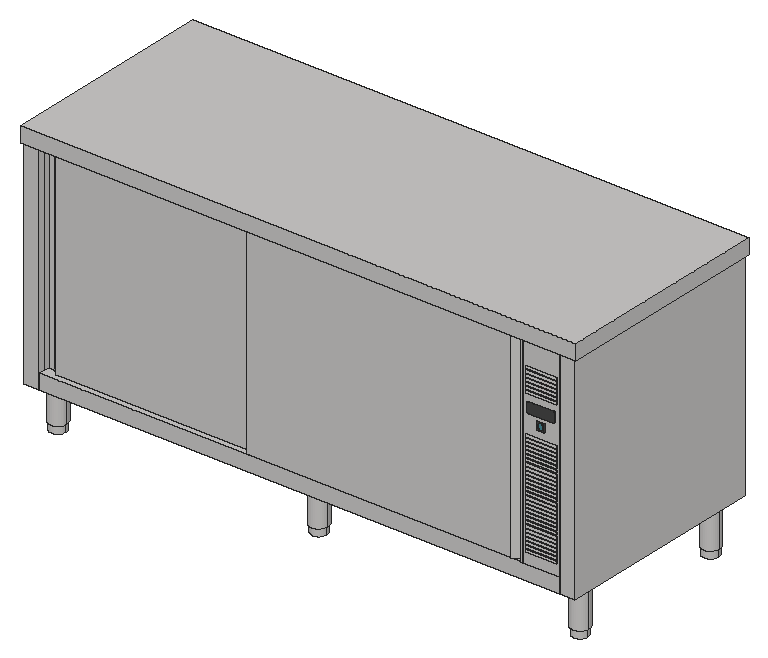
Revit family "QF_ELECTROLUXPROFESSIONAL_133100_TCD1800EN", category Attrezzature speciali, Revit 2020
Family settings
  Quota connettore circolare = Usa diametro
  Tipo di parte = Normale
  Basato su piano di lavoro = No
  Sempre verticale = Sì
  Taglio con vuoti quando caricato = No
  Condiviso = No
  Punto di calcolo locali = No
Parameters (values of type "Standard")
  Weight = 70.00 kg
  Watts = 2400 W
  Volts = 220 V
  URL Manufacturer = "https://www.electroluxprofessional.com/"
  URL = "https://www.electroluxprofessional.com/"
  Steam Supply Size = 0 mm
  Steam Supply Minimum Pressure = 0.0 Pa
  Steam Supply Maximum Pressure = 0.0 Pa
  Steam Consumption per Hour = 0
  Refrigeration Suction Line Size = 0.0 mm
  Refrigeration Liquid Line Size = 0.0 mm
  Refrigerant Compressor Remote = yes
  Prospetto di default = 0.0 mm
  Produttore = "Electrolux Professional"
  Phase = 1
  Modello = "TCD1800EN"
  Length Actual = 1800.0 mm  # constant formula
  Item Number = "133100"
  Hot Water Size = 0 mm
  Height Actual = 900.0 mm  # constant formula
  HP = "3.2 HP"
  Gas Size = 0 mm
  Gas KW = 0
  Gas Input Pressure = 0 W
  Direct Waste Size = 0 mm
  Descrizione = "HOT PASS-THROUGH CUPBOARD 1800 MM"
  Depth Actual = 700.0 mm  # constant formula
  Cycle = 50 Hz
  Condensate Return Size = 0 mm
  Compressed Air Volume = 0.0 L/s
  Compressed Air Size = 0 mm
  Compressed Air Pressure = 0.0 Pa
  Cold Water Size = 0 mm
  Accessory = yes
Reference planes
  plane 1 "Center (Front/Back)": y = 0
  plane 2: z = 0
  plane 3 "Center (Left/Right)": x = -400
  plane 4 "LEFT": x = -1300
  plane 5 "RIGHT": x = 500
  plane 6 "BACK": y = 350
  plane 7 "FRONT": y = -350
  plane 8 "Base": z = 850
  plane 9 "TOP": z = 900
  plane 10: x = -1246.5
  plane 11: x = 446.5
  plane 12: y = 264.5
  plane 13: y = -264.5
  plane 14 "BodyLeft": x = -1294.5
  plane 15 "BodyFront": y = -344.5
  plane 16 "BodyRight": x = 494.5
  plane 17 "BodyBack": y = 344.5
  plane 18 "FEET": z = 150
  plane 19: x = 324.5
  plane 20: x = -461
  plane 21: x = 444.5
  plane 22: x = 400
  plane 23: y = -170
Forms (mm)
  Extrusion 1, solid, material "QF_Finishes_Stainless Steel"
    sketch origin (-400, 0, 0) x (0, 1, 0) y (0, 0, 1)
      loop
        line (-350, 850) -> (350, 850) -> (350, 900) -> (-350, 900) -> (-350, 850)
    from 900 to -900
  Extrusion 2, solid, material "QF_Finishes_Stainless Steel"
    sketch origin (0, 0, 150) x (-1, 0, 0) y (0, -1, 0)
      loop
        line (1294.5, -344.5) -> (1294.5, 344.5) -> (1244.5, 344.5) -> (1244.5, -344.5) -> (1294.5, -344.5)
      loop
        line (-444.5, -344.5) -> (-444.5, 344.5) -> (-494.5, 344.5) -> (-494.5, -344.5) -> (-444.5, -344.5)
    from 0 to 700
  Extrusion 3, solid, material "QF_Finishes_Stainless Steel"
    sketch origin (0, 0, 150) x (-1, 0, 0) y (0, -1, 0)
      loop
        line (1244.5, -344.5) -> (1244.5, 344.5) -> (-444.5, 344.5) -> (-444.5, -344.5) -> (1244.5, -344.5)
    from 0 to 50
  Extrusion 4, solid, material "QF_Finishes_Stainless Steel"
    sketch origin (-1, 0, 150) x (-1, 0, 0) y (0, -1, 0)
      loop
        line (-325.5, 344.5) -> (-325.5, 324.5) -> (570.5, 324.5) -> (570.5, 344.5) -> (-285.5, 344.5) -> (-305.5, 329.5) -> (-320.5, 329.5) -> (-320.5, 344.5) -> (-325.5, 344.5)
    from 50 to 700
  Extrusion 5, solid, material "QF_Finishes_Stainless Steel"
    sketch origin (1, 20, 150) x (1, 0, 0) y (0, 1, 0)
      loop
        line (-1245.5, -344.5) -> (-1240.5, -344.5) -> (-1240.5, -329.5) -> (-1225.5, -329.5) -> (-1205.5, -344.5) -> (-351.5, -344.5) -> (-351.5, -324.5) -> (-1245.5, -324.5) -> (-1245.5, -344.5)
    from 50 to 700
  Extrusion 6, solid, material "QF_Finishes_Stainless Steel"
    sketch origin (0, 0, 0) x (1, 0, 0) y (0, 1, 0)
      loop
        line (-1244.5, -304.5) -> (324.5, -304.5) -> (324.5, 304.5) -> (-1244.5, 304.5) -> (-1244.5, -304.5)
    from 500 to 540
  Extrusion 7, solid, material "QF_Finishes_Stainless Steel"
    sketch origin (-1, 0, 150) x (-1, 0, 0) y (0, -1, 0)
      loop
        line (-325.5, -344.5) -> (-320.5, -344.5) -> (-320.5, -329.5) -> (-305.5, -329.5) -> (-285.5, -344.5) -> (570.5, -344.5) -> (570.5, -324.5) -> (-325.5, -324.5) -> (-325.5, -344.5)
    from 50 to 700
  Extrusion 8, solid, material "QF_Finishes_Stainless Steel"
    sketch origin (1, -20, 150) x (1, 0, 0) y (0, 1, 0)
      loop
        line (-1245.5, 344.5) -> (-1245.5, 324.5) -> (-351.5, 324.5) -> (-351.5, 344.5) -> (-1205.5, 344.5) -> (-1225.5, 329.5) -> (-1240.5, 329.5) -> (-1240.5, 344.5) -> (-1245.5, 344.5)
    from 50 to 700
  Extrusion 9, solid, material "QF_Finishes_Stainless Steel"
    sketch origin (0, 0, 0) x (1, 0, 0) y (0, 1, 0)
      loop
        line (444.5, 344.5) -> (324.5, 344.5) -> (324.5, 324.5) -> (444.5, 324.5) -> (444.5, 344.5)
    from 200 to 850
  Extrusion 10, solid, material "QF_Finishes_Stainless Steel"
    sketch origin (0, 0, 150) x (-1, 0, 0) y (0, -1, 0)
      loop
        circle (-400, 170) r 10
    from 0 to -5
Cuts and joins
  joined: Extrusion 3, Extrusion 9
Lines and regions (mm)
  symbolic lines
    curve 1: line (500, 350, 900) -> (-1300, 350, 900)
    curve 2: line (-1300, 350, 900) -> (-1300, -350, 900)
    curve 3: line (-1300, -350, 900) -> (500, -350, 900)
    curve 4: line (500, -350, 900) -> (500, 350, 900)
    curve 5: line (-1300, 337, 900) -> (500, 337, 900)
  symbolic lines, style "SpecialityEquipmentHiddenLines"
    curve 6: line (-1294.5, 344.5, 150) -> (494.5, 344.5, 150)
    curve 7: line (-1294.5, -344.5, 150) -> (-1294.5, 344.5, 150)
    curve 8: line (494.5, -344.5, 150) -> (-1294.5, -344.5, 150)
    curve 9: line (494.5, 344.5, 150) -> (494.5, -344.5, 150)
    curve 10: line (-1245.5, -304.5, 150) -> (-349.5, -304.5, 150)
    curve 11: line (-349.5, -304.5, 150) -> (-349.5, -324.5, 150)
    curve 12: line (-1245.5, -324.5, 150) -> (444.5, -324.5, 150)
    curve 13: line (444.5, -324.5, 150) -> (444.5, -344.5, 150)
    curve 14: line (-1245.5, -304.5, 150) -> (-1245.5, -324.5, 150)
    curve 15: line (-571.5, -344.5, 0) -> (-571.5, -324.5, 0)
    curve 16: line (-1245.5, 304.5, 150) -> (-349.5, 304.5, 150)
    curve 17: line (-1245.5, 324.5, 150) -> (444.5, 324.5, 150)
    curve 18: line (-571.5, 344.5, 0) -> (-571.5, 324.5, 0)
    curve 19: line (-350.5, 304.5, 0) -> (-350.5, 324.5, 0)
Dimensions and locks
  plane 4 "LEFT" to plane 5 "RIGHT" = 1800.0 mm
  equal spacing: plane 4 "LEFT", plane 3 "Center (Left/Right)", plane 5 "RIGHT"
  locked: plane 8 "Base" to level at 850
  locked: plane 9 "TOP" to level at 900
  plane 6 "BACK" to plane 7 "FRONT" = 700.0 mm
  equal spacing: plane 6 "BACK", plane 1 "Center (Front/Back)", plane 7 "FRONT"
  locked: plane 4 "LEFT" to plane 14 "BodyLeft" at 5.5
  locked: plane 16 "BodyRight" to plane 5 "RIGHT" at 5.5
  locked: plane 15 "BodyFront" to plane 7 "FRONT" at 5.5
  locked: plane 6 "BACK" to plane 17 "BodyBack" at 5.5
  locked: plane 14 "BodyLeft" to plane 10 at 48
  locked: plane 11 to plane 16 "BodyRight" at 48
  locked: plane 13 to plane 15 "BodyFront" at 80
  locked: plane 17 "BodyBack" to plane 12 at 80
  plane 10 to plane 11 = 1693.0 mm
  plane 12 to plane 13 = 529.0 mm
  locked: plane 14 "BodyLeft" to Extrusion 2 sketch curve at 50
  locked: Extrusion 2 sketch curve to Extrusion 2 sketch curve at 50
  equal spacing: plane 10, plane 20, plane 19
  locked: plane 21 to plane 16 "BodyRight" at 50
  locked: plane 19 to plane 21 at 120
  locked: Extrusion 4 sketch curve to plane 20 at 110.5
  locked: plane 20 to Extrusion 5 sketch curve at 110.5
  locked: plane 18 "FEET" to level at 150
  locked: plane 22 to plane 5 "RIGHT" at 100
  locked: plane 23 to plane 7 "FRONT" at 180
  aligned and locked: level to plane 2
  aligned and locked: plane 10 to nested 1
  aligned and locked: nested 1 to plane 13
  aligned and locked: plane 11 to nested 2
  aligned and locked: nested 2 to plane 13
  aligned and locked: plane 11 to nested 4
  aligned and locked: nested 4 to plane 12
  aligned and locked: plane 10 to nested 3
  aligned and locked: nested 3 to plane 12
  aligned and locked: Extrusion 1 to plane 4 "LEFT"
  aligned and locked: plane 5 "RIGHT" to Extrusion 1
  aligned and locked: curve 2 to plane 4 "LEFT"
  aligned and locked: plane 17 "BodyBack" to Extrusion 2 sketch curve
  aligned and locked: Extrusion 2 sketch curve to plane 15 "BodyFront"
  aligned and locked: Extrusion 2 sketch curve to plane 14 "BodyLeft"
  aligned and locked: plane 16 "BodyRight" to Extrusion 2 sketch curve
  aligned and locked: Extrusion 2 sketch curve to plane 17 "BodyBack"
  aligned and locked: plane 15 "BodyFront" to Extrusion 2 sketch curve
  aligned and locked: Extrusion 3 sketch curve to plane 17 "BodyBack"
  aligned and locked: plane 15 "BodyFront" to Extrusion 3 sketch curve
  aligned and locked: plane 8 "Base" to Extrusion 2
  aligned and locked: plane 8 "Base" to Extrusion 4
  aligned and locked: Extrusion 4 to Extrusion 3
  aligned and locked: Extrusion 1 to plane 8 "Base"
  aligned and locked: plane 9 "TOP" to Extrusion 1
  aligned and locked: curve 6 to plane 17 "BodyBack"
  aligned and locked: plane 14 "BodyLeft" to curve 7
  aligned and locked: plane 15 "BodyFront" to curve 8
  aligned and locked: plane 16 "BodyRight" to curve 9
  aligned and locked: Extrusion 3 to Extrusion 2  (x2)
  aligned and locked: Extrusion 6 sketch curve to Extrusion 2
  aligned and locked: Extrusion 6 sketch curve to Extrusion 5
  aligned and locked: curve 19 to Extrusion 8
  aligned and locked: curve 18 to Extrusion 7
  aligned and locked: nested 5 to plane 21
  aligned and locked: Extrusion 6 sketch curve to plane 19
  aligned and locked: plane 3 "Center (Left/Right)" to nested 6
  aligned and locked: plane 3 "Center (Left/Right)" to nested 7
Automatic sketch dimensions
  Extrusion 7 sketch curve to plane 19 = 0.0 mm
  Extrusion 7 sketch curve to plane 17 "BodyBack" = 0.0 mm  (x2)
  Extrusion 7 sketch curve to Extrusion 7 sketch curve = 5.0 mm
  Extrusion 7 sketch curve to Extrusion 7 sketch curve = 15.0 mm
  Extrusion 7 sketch curve to Extrusion 7 sketch curve = 20.0 mm
  plane 17 "BodyBack" to Extrusion 7 sketch curve = 20.0 mm
  plane 20 to Extrusion 7 sketch curve = 110.5 mm
  plane 17 "BodyBack" to Extrusion 7 sketch curve = 15.0 mm
  curve 15 to plane 15 "BodyFront" = 0.0 mm
  plane 15 "BodyFront" to curve 15 = 20.0 mm
  curve 15 to plane 20 = 110.5 mm
  curve 3 to plane 7 "FRONT" = 0.0 mm
  curve 5 to plane 5 "RIGHT" = 0.0 mm
  curve 4 to plane 6 "BACK" = 0.0 mm
  curve 5 to plane 17 "BodyBack" = 7.5 mm
  Extrusion 1 sketch curve to plane 7 "FRONT" = 0.0 mm
  Extrusion 1 sketch curve to plane 6 "BACK" = 0.0 mm
  Extrusion 1 sketch curve to plane 8 "Base" = 0.0 mm
  Extrusion 1 sketch curve to plane 9 "TOP" = 0.0 mm
  Extrusion 3 sketch curve to plane 21 = 0.0 mm
  plane 10 to Extrusion 3 sketch curve = 2.0 mm
  Extrusion 4 sketch curve to plane 19 = 0.0 mm
  Extrusion 4 sketch curve to plane 15 "BodyFront" = 0.0 mm  (x2)
  Extrusion 4 sketch curve to Extrusion 4 sketch curve = 5.0 mm
  Extrusion 4 sketch curve to Extrusion 4 sketch curve = 15.0 mm  (x2)
  Extrusion 4 sketch curve to Extrusion 4 sketch curve = 20.0 mm  (x2)
  Extrusion 5 sketch curve to plane 15 "BodyFront" = 20.0 mm  (x2)
  Extrusion 5 sketch curve to plane 10 = 42.0 mm
  Extrusion 5 sketch curve to plane 10 = 22.0 mm
  Extrusion 5 sketch curve to plane 10 = 7.0 mm
  Extrusion 5 sketch curve to plane 10 = 2.0 mm
  Extrusion 5 sketch curve to Extrusion 5 sketch curve = 15.0 mm
  Extrusion 5 sketch curve to Extrusion 5 sketch curve = 20.0 mm
  curve 13 to plane 21 = 0.0 mm
  curve 17 to plane 21 = 0.0 mm
  curve 8 to plane 15 "BodyFront" = 0.0 mm
  plane 3 "Center (Left/Right)" to curve 10 = 50.5 mm
  plane 10 to curve 12 = 1.0 mm
  plane 15 "BodyFront" to curve 10 = 40.0 mm
  curve 12 to curve 13 = 20.0 mm
  plane 3 "Center (Left/Right)" to curve 16 = 50.5 mm
  plane 10 to curve 17 = 1.0 mm
  plane 10 to curve 16 = 1.0 mm
  curve 17 to plane 17 "BodyBack" = 20.0 mm
  plane 12 to curve 16 = 40.0 mm
  plane 12 to Extrusion 6 sketch curve = 40.0 mm
  plane 10 to Extrusion 8 sketch curve = 2.0 mm
  Extrusion 8 sketch curve to Extrusion 8 sketch curve = 5.0 mm
  Extrusion 8 sketch curve to Extrusion 8 sketch curve = 15.0 mm  (x2)
  Extrusion 8 sketch curve to plane 17 "BodyBack" = 20.0 mm  (x2)
  Extrusion 8 sketch curve to Extrusion 8 sketch curve = 20.0 mm  (x2)
  plane 3 "Center (Left/Right)" to Extrusion 8 sketch curve = 49.5 mm
  curve 18 to plane 17 "BodyBack" = 0.0 mm
  curve 18 to plane 17 "BodyBack" = 20.0 mm
  plane 12 to curve 19 = 40.0 mm
  curve 19 to curve 19 = 20.0 mm
  Extrusion 9 sketch curve to plane 17 "BodyBack" = 0.0 mm
  Extrusion 9 sketch curve to plane 19 = 0.0 mm
  Extrusion 9 sketch curve to plane 21 = 0.0 mm
  Extrusion 9 sketch curve to plane 17 "BodyBack" = 20.0 mm
  Extrusion 10 sketch curve to plane 22 = 0.0 mm
  Extrusion 10 sketch curve to plane 23 = 0.0 mm
  radius of Extrusion 10 sketch curve = 10.0 mm
Nested families
  nested 1: "FEET_D58-150" at (-1246.5, -264.5, 0), type "FEET_D58-150"
  nested 2: "FEET_D58-150" at (446.5, -264.5, 0), type "FEET_D58-150"
  nested 3: "FEET_D58-150" at (-1246.5, 264.5, 0), type "FEET_D58-150"
  nested 4: "FEET_D58-150" at (446.5, 264.5, 0), type "FEET_D58-150"
  nested 5: "WT_PNL120x650" at (531.42, -304.5, 600) x (1, 0, 0) z (0, -1, 0), type "WT_PNL120x650"
    with Show Logo yes
  nested 6: "FEET_D58-150" at (-400, -264.5, 0), type "FEET_D58-150"
  nested 7: "FEET_D58-150" at (-400, 264.5, 0), type "FEET_D58-150"
Connectors
  electrical at (400, -170, 145)
    settings: on Extrusion 10, index 1, voltage 0 V, apparent load 0 VA, apparent load phase1 0 VA, apparent load phase2 0 VA, apparent load phase3 0 VA, power factor 1, load classification "Other", number of poles 1, system type 30, power factor state 1, is connector primary yes, connector utility no, sub classification motor no, connector description "Electrical connection"
Definition of nested family "FEET_D58-150"
  Parameters
    Default Elevation = 0.0 mm
    FEET = 150.0 mm
  Reference planes
    plane 1 "Center (Front/Back)": y = 0
    plane 2: z = 0
    plane 3 "Center (Left/Right)": x = 0
    plane 4: z = 150
  Forms (mm)
    Extrusion 1, solid
      sketch origin (0, 0, 0) x (1, 0, 0) y (0, 1, 0)
        loop
          circle (0, 0) r 25
      from 0 to 25
    Extrusion 2, solid
      sketch origin (0, 0, 0) x (1, 0, 0) y (0, 1, 0)
        loop
          circle (0.061, 0) r 29
      from 25 to 150 <- "FEET"
  Lines and regions (mm)
    symbolic lines
      curve 1: line (0, -1.503, 0) -> (0, 1.508, 0)
      curve 2: line (1.561, 0, 0) -> (-1.439, 0, 0)
  Dimensions and locks
    "FEET": plane 4 to plane 2
    aligned and locked: level to plane 2
  Automatic sketch dimensions
    plane 1 "Center (Front/Back)" to Extrusion 1 sketch curve = 0.0 mm
    Extrusion 1 sketch curve to plane 3 "Center (Left/Right)" = 0.0 mm
    plane 1 "Center (Front/Back)" to curve 2 = 0.0 mm
    curve 1 to plane 3 "Center (Left/Right)" = 0.0 mm
    curve 2 to plane 3 "Center (Left/Right)" = 1.439 mm
    plane 3 "Center (Left/Right)" to curve 2 = 1.561 mm
    plane 1 "Center (Front/Back)" to curve 1 = 1.503 mm
    curve 1 to plane 1 "Center (Front/Back)" = 1.508 mm
    plane 1 "Center (Front/Back)" to Extrusion 2 sketch curve = 0.0 mm
    plane 3 "Center (Left/Right)" to Extrusion 2 sketch curve = 0.061 mm
    radius of Extrusion 1 sketch curve = 25.0 mm
    radius of Extrusion 2 sketch curve = 29.0 mm
Definition of nested family "WT_PNL120x650"
  Parameters
    Show Logo [instance] = yes
    Default Elevation = 1219.2 mm
  Reference planes
    plane 1 "Center (Front/Back)": y = -75
    plane 2: z = 0
    plane 3 "Center (Left/Right)": x = -146.92
    plane 4: x = -206.92
    plane 5: x = -86.92
    plane 6: y = 250
    plane 7: y = -400
    plane 8 "TOP": z = 40
  Forms (mm)
    Extrusion 1, solid
      sketch origin (0, 0, 0) x (1, 0, 0) y (0, 1, 0)
        loop
          line (-1219.2, 1219.2) -> (-1219.2, -1219.2) -> (1219.2, -1219.2) -> (1219.2, 1219.2) -> (-1219.2, 1219.2)
      from 0 to -304.8
    Extrusion 2, solid
      sketch origin (0, 0, 0) x (1, 0, 0) y (0, 1, 0)
        loop
          line (-206.92, 250) -> (-206.92, -400) -> (-86.92, -400) -> (-86.92, 250) -> (-206.92, 250)
      from 0 to 40
    Extrusion 3, void
      sketch origin (0, 0, 40) x (-1, 0, 0) y (0, -1, 0)
        loop
          arc (101.92, -68.899) -> (103.795, -73.256) -> (108.247, -74.89) r 6
          line (108.247, -74.89) -> (185.92, -74.89)
          arc (185.92, -74.89) -> (190.163, -73.133) -> (191.92, -68.89) r 6
          line (191.92, -68.89) -> (191.92, -45.89)
          arc (191.92, -45.89) -> (190.163, -41.648) -> (185.92, -39.89) r 6
          line (185.92, -39.89) -> (107.92, -39.89)
          arc (107.92, -39.89) -> (103.677, -41.648) -> (101.92, -45.89) r 6
          line (101.92, -45.89) -> (101.92, -68.899)
        loop
          line (158.92, -27.89) -> (158.92, -2.89) -> (134.92, -2.89) -> (134.92, -27.89) -> (158.92, -27.89)
      from -2 to 0
    Extrusion 4, solid
      sketch origin (0, 0, 40) x (-1, 0, 0) y (0, -1, 0)
        loop
          line (185.92, -39.89) -> (107.92, -39.89)
          arc (107.92, -39.89) -> (103.677, -41.648) -> (101.92, -45.89) r 6
          line (101.92, -45.89) -> (101.92, -68.899)
          arc (101.92, -68.899) -> (103.795, -73.256) -> (108.247, -74.89) r 6
          line (108.247, -74.89) -> (185.92, -74.89)
          arc (185.92, -74.89) -> (190.163, -73.133) -> (191.92, -68.89) r 6
          line (191.92, -68.89) -> (191.92, -45.89)
          arc (191.92, -45.89) -> (190.163, -41.648) -> (185.92, -39.89) r 6
      from -2 to 1
    Extrusion 5, solid
      sketch origin (-146.92, 0, 0) x (0, 1, 0) y (0, 0, 1)
        loop
          line (95.896, 40) -> (104.899, 40) -> (95.896, 41.206) -> (95.896, 40)
        loop
          line (107.896, 40) -> (116.899, 40) -> (107.896, 41.206) -> (107.896, 40)
        loop
          line (119.896, 40) -> (128.899, 40) -> (119.896, 41.206) -> (119.896, 40)
        loop
          line (131.896, 40) -> (140.899, 40) -> (131.896, 41.206) -> (131.896, 40)
        loop
          line (143.896, 40) -> (152.899, 40) -> (143.896, 41.206) -> (143.896, 40)
        loop
          line (155.896, 40) -> (164.899, 40) -> (155.896, 41.206) -> (155.896, 40)
        loop
          line (167.896, 40) -> (176.899, 40) -> (167.896, 41.206) -> (167.896, 40)
        loop
          line (-102.104, 40) -> (-93.101, 40) -> (-102.104, 41.206) -> (-102.104, 40)
        loop
          line (-90.104, 40) -> (-81.101, 40) -> (-90.104, 41.206) -> (-90.104, 40)
        loop
          line (-78.104, 40) -> (-69.101, 40) -> (-78.104, 41.206) -> (-78.104, 40)
        loop
          line (-66.104, 40) -> (-57.101, 40) -> (-66.104, 41.206) -> (-66.104, 40)
        loop
          line (-54.104, 40) -> (-45.101, 40) -> (-54.104, 41.206) -> (-54.104, 40)
        loop
          line (-42.104, 40) -> (-33.101, 40) -> (-42.104, 41.206) -> (-42.104, 40)
        loop
          line (-30.104, 40) -> (-21.101, 40) -> (-30.104, 41.206) -> (-30.104, 40)
        loop
          line (-174.104, 40) -> (-165.101, 40) -> (-174.104, 41.206) -> (-174.104, 40)
        loop
          line (-162.104, 40) -> (-153.101, 40) -> (-162.104, 41.206) -> (-162.104, 40)
        loop
          line (-150.104, 40) -> (-141.101, 40) -> (-150.104, 41.206) -> (-150.104, 40)
        loop
          line (-138.104, 40) -> (-129.101, 40) -> (-138.104, 41.206) -> (-138.104, 40)
        loop
          line (-126.104, 40) -> (-117.101, 40) -> (-126.104, 41.206) -> (-126.104, 40)
        loop
          line (-114.104, 40) -> (-105.101, 40) -> (-114.104, 41.206) -> (-114.104, 40)
        loop
          line (-246.104, 40) -> (-237.101, 40) -> (-246.104, 41.206) -> (-246.104, 40)
        loop
          line (-234.104, 40) -> (-225.101, 40) -> (-234.104, 41.206) -> (-234.104, 40)
        loop
          line (-222.104, 40) -> (-213.101, 40) -> (-222.104, 41.206) -> (-222.104, 40)
        loop
          line (-210.104, 40) -> (-201.101, 40) -> (-210.104, 41.206) -> (-210.104, 40)
        loop
          line (-198.104, 40) -> (-189.101, 40) -> (-198.104, 41.206) -> (-198.104, 40)
        loop
          line (-186.104, 40) -> (-177.101, 40) -> (-186.104, 41.206) -> (-186.104, 40)
        loop
          line (-318.104, 40) -> (-309.101, 40) -> (-318.104, 41.206) -> (-318.104, 40)
        loop
          line (-306.104, 40) -> (-297.101, 40) -> (-306.104, 41.206) -> (-306.104, 40)
        loop
          line (-294.104, 40) -> (-285.101, 40) -> (-294.104, 41.206) -> (-294.104, 40)
        loop
          line (-282.104, 40) -> (-273.101, 40) -> (-282.104, 41.206) -> (-282.104, 40)
        loop
          line (-270.104, 40) -> (-261.101, 40) -> (-270.104, 41.206) -> (-270.104, 40)
        loop
          line (-258.104, 40) -> (-249.101, 40) -> (-258.104, 41.206) -> (-258.104, 40)
        loop
          line (-366.104, 40) -> (-357.101, 40) -> (-366.104, 41.206) -> (-366.104, 40)
        loop
          line (-354.104, 40) -> (-345.101, 40) -> (-354.104, 41.206) -> (-354.104, 40)
        loop
          line (-342.104, 40) -> (-333.101, 40) -> (-342.104, 41.206) -> (-342.104, 40)
        loop
          line (-330.104, 40) -> (-321.101, 40) -> (-330.104, 41.206) -> (-330.104, 40)
      from -50 to 50
    Extrusion 6, solid
      sketch origin (0, 0, 40) x (-1, 0, 0) y (0, -1, 0)
        loop
          line (134.92, -27.89) -> (158.92, -27.89) -> (158.92, -2.89) -> (134.92, -2.89) -> (134.92, -27.89)
        loop
          circle (146.92, -15.39) r 9
      from -2 to 3
    Extrusion 7, solid
      sketch origin (0, 0, 40) x (-1, 0, 0) y (0, -1, 0)
        loop
          circle (146.92, -15.39) r 9
      from 0 to 3
  Cuts and joins
    Extrusion 3 cuts Extrusion 2
  Dimensions and locks
    equal spacing: plane 6, plane 1 "Center (Front/Back)", plane 7
    equal spacing: plane 4, plane 3 "Center (Left/Right)", plane 5
    plane 8 "TOP" to level = 40.0 mm
    aligned and locked: plane 2 to Extrusion 1
    aligned and locked: level to Extrusion 1
  Automatic sketch dimensions
    Extrusion 1 sketch curve to Extrusion 1 sketch curve = 2438.4 mm  (x2)
    Extrusion 2 sketch curve to plane 4 = 0.0 mm
    Extrusion 2 sketch curve to plane 5 = 0.0 mm
    Extrusion 2 sketch curve to plane 7 = 0.0 mm
    Extrusion 2 sketch curve to plane 6 = 0.0 mm
    Extrusion 5 sketch curve to plane 8 "TOP" = 0.0 mm  (x36)
    Extrusion 5 sketch curve to Extrusion 5 sketch curve = 9.003 mm  (x35)
    plane 8 "TOP" to Extrusion 5 sketch curve = 1.206 mm  (x22)
    Extrusion 5 sketch curve to Extrusion 5 sketch curve = 2.997 mm  (x33)
    plane 1 "Center (Front/Back)" to Extrusion 5 sketch curve = 6.101 mm
    plane 1 "Center (Front/Back)" to Extrusion 5 sketch curve = 3.104 mm
    Extrusion 5 sketch curve to plane 1 "Center (Front/Back)" = 5.899 mm
    Extrusion 5 sketch curve to Extrusion 5 sketch curve = 116.997 mm
    Extrusion 5 sketch curve to Extrusion 5 sketch curve = 1.206 mm  (x14)
    Extrusion 4 sketch curve to plane 5 = 15.0 mm
    Extrusion 4 sketch curve to Extrusion 4 sketch curve = 6.0 mm  (x3)
    Extrusion 4 sketch curve to Extrusion 4 sketch curve = 0.327 mm
    plane 4 to Extrusion 4 sketch curve = 21.0 mm  (x2)
    Extrusion 4 sketch curve to plane 1 "Center (Front/Back)" = 149.89 mm
    Extrusion 4 sketch curve to Extrusion 4 sketch curve = 23.009 mm
    Extrusion 3 sketch curve to plane 5 = 15.0 mm
    Extrusion 3 sketch curve to Extrusion 3 sketch curve = 6.0 mm  (x3)
    Extrusion 3 sketch curve to Extrusion 3 sketch curve = 0.327 mm
    plane 3 "Center (Left/Right)" to Extrusion 3 sketch curve = 12.0 mm
    Extrusion 3 sketch curve to plane 3 "Center (Left/Right)" = 12.0 mm
    plane 4 to Extrusion 3 sketch curve = 21.0 mm  (x2)
    Extrusion 3 sketch curve to plane 1 "Center (Front/Back)" = 149.89 mm
    Extrusion 3 sketch curve to Extrusion 3 sketch curve = 23.0 mm
    Extrusion 3 sketch curve to Extrusion 3 sketch curve = 12.0 mm
    Extrusion 3 sketch curve to Extrusion 3 sketch curve = 25.0 mm
    Extrusion 6 sketch curve to plane 3 "Center (Left/Right)" = 0.0 mm
    plane 3 "Center (Left/Right)" to Extrusion 6 sketch curve = 12.0 mm
    Extrusion 6 sketch curve to plane 3 "Center (Left/Right)" = 12.0 mm
    Extrusion 6 sketch curve to plane 1 "Center (Front/Back)" = 102.89 mm
    Extrusion 6 sketch curve to Extrusion 6 sketch curve = 12.5 mm  (x2)
    Extrusion 7 sketch curve to plane 3 "Center (Left/Right)" = 0.0 mm
    Extrusion 7 sketch curve to plane 1 "Center (Front/Back)" = 90.39 mm
    radius of Extrusion 6 sketch curve = 9.0 mm
    radius of Extrusion 7 sketch curve = 9.0 mm
